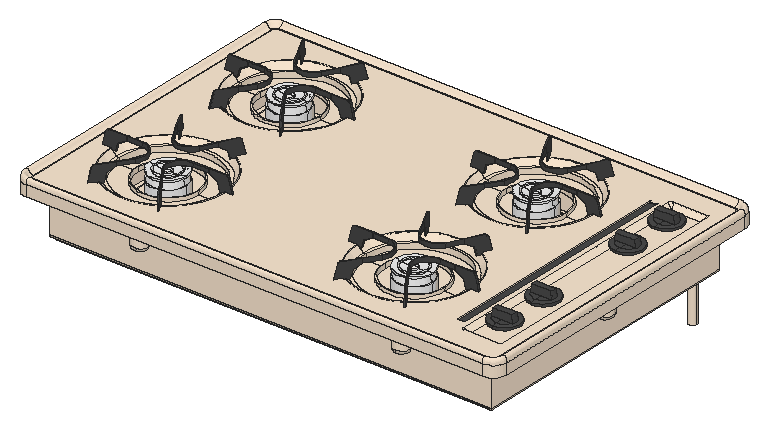
Revit family "QF_Summit_SNL053_Cooktop", category Specialty Equipment, Revit 2020
Family settings
  Round Connector Dimension = Use Diameter
  Part Type = Normal
  Work Plane-Based = No
  Always vertical = Yes
  Cut with Voids When Loaded = No
  Shared = No
  Room Calculation Point = No
Parameters
  Weight in Pounds = 32
  Watts = 0 W
  Volts = 115 V
  URL Cutsheet = ""
  Specification by User = ""
  Specification by Manufacturer = ""
  Serial Number = ""
  Seismic Rating = ""
  SMACNA No = ""
  Revision Code = ""
  Plumbing Remarks = ""
  Plumbing Connection Type = ""
  Phase = 1
  Number of Poles = 1
  NAFEM Spec ID Number = ""
  Model = "SNL053"
  Min Ckt Ampacity = 0 A
  Max Overcurrent Protection = 0 A
  Masterspec = ""
  Manufacturer = "Summit"
  Length = 29 3/4"
  Item Number = ""
  Installed By = ""
  Identify Quantity as Lot = yes
  Height = 3 3/4"
  HP = ""
  Gas Size = 0"
  Gas RI Height = 0"
  Gas KW = 0
  Gas Input = 9000.0 Btu/h
  Gas Connection Height = 0"
  Furnished By = ""
  Foodservice Equipment Identifier = yes
  FL Amps = 0 A
  Electrical Remarks = ""
  Elec Conn RI Height = 0"
  Elec Conn Connection Height = 0"
  Description = "Cooktop"
  Depth = 20"
  Default Elevation = 0"
  Cycle = 60 Hz
  Conn Plug = "3 Prong Cord"
  Conn Conduit = yes
  CSI MasterFormat = ""
  Apparent Power = 0 VA
Reference planes (in)
  plane 1 "BACK": y = 0
  plane 2: z = 0
  plane 3 "LEFT": x = 0
  plane 4 "RIGHT": x = 29.75
  plane 5 "FRONT": y = -20
  plane 6 "TOP": z = 3.75
  plane 7 "Center Y": x = 14.875
  plane 8 "Center X": y = -10
  plane 9: z = 2.75
  plane 10: z = 0.25
  plane 11: z = -2.75
Forms (in)
  Sweep 1, solid, material "QF_Plastic_Bisque_Smooth"
    path origin (0, 0, 3.74988) x (-1, 0, 0) y (0, -1, 0)
      loop
        line (-0.0625, 0.8125) -> (-0.0625, 19.1875)
        arc (-0.0625, 19.1875) -> (-0.28217, 19.71783) -> (-0.8125, 19.9375) r 0.75
        line (-0.8125, 19.9375) -> (-28.9375, 19.9375)
        arc (-28.9375, 19.9375) -> (-29.46783, 19.71783) -> (-29.6875, 19.1875) r 0.75
        line (-29.6875, 19.1875) -> (-29.6875, 0.8125)
        arc (-29.6875, 0.8125) -> (-29.46783, 0.28217) -> (-28.9375, 0.0625) r 0.75
        line (-28.9375, 0.0625) -> (-0.8125, 0.0625)
        arc (-0.8125, 0.0625) -> (-0.28217, 0.28217) -> (-0.0625, 0.8125) r 0.75
    profile origin (0.0625, -10, 3.74988) x (1, 0, 0) y (0, 0, 1)
      loop
        line (0.50007, -0.99988) -> (0.50007, -0.24988)
        spline (0.50007, -0.24988) -> (0.38683, -0.22526) -> (0.30986, -0.16677) -> (0.25459, -0.09746) -> (0.20654, -0.0403) -> (0.15715, -0.00897) -> (0.1083, -0.00102) -> (0.06291, -0.01235) -> (0.02367, -0.03905) -> (-0.00886, -0.07917) -> (-0.03532, -0.13183) -> (-0.05489, -0.20201) -> (-0.06266, -0.31115)
        line (-0.06266, -0.31115) -> (-0.06266, -0.99988) -> (0.50007, -0.99988)
  Extrusion 2, solid, material "QF_Plastic_Bisque_Smooth"
    sketch origin (23.1875, -0.5625, 3.49988) x (0, 1, 0) y (1, 0, 0)
      loop
        circle (-4.74127, -17.90956) r 3.49904
      loop
        line (-18.875, 5.75) -> (-18.875, -22.375)
        arc (-18.875, -22.375) -> (-18.80178, -22.55178) -> (-18.625, -22.625) r 0.25
        line (-18.625, -22.625) -> (-0.25, -22.625)
        arc (-0.25, -22.625) -> (-0.07322, -22.55178) -> (0, -22.375) r 0.25
        line (0, -22.375) -> (0, 5.75)
        arc (0, 5.75) -> (-0.07322, 5.92678) -> (-0.25, 6) r 0.25
        line (-0.25, 6) -> (-18.625, 6)
        arc (-18.625, 6) -> (-18.80178, 5.92678) -> (-18.875, 5.75) r 0.25
      loop
        circle (-4.74127, -2.71662) r 3.49904
      loop
        circle (-14.13373, -17.90956) r 3.49904
      loop
        circle (-14.13373, -2.71662) r 3.49904
    from 0.74988 to -0.00012
  Blend 3, void
    base sketch origin (23.18874, -0.56796, 3.54988) x (0, 1, 0) y (-1, 0, 0)
      loop
        arc (-1.25, -3) -> (-1.32322, -2.82322) -> (-1.5, -2.75) r 0.25
        line (-1.5, -2.75) -> (-17.375, -2.75)
        arc (-17.375, -2.75) -> (-17.55178, -2.82322) -> (-17.625, -3) r 0.25
        line (-17.625, -3) -> (-17.625, -5.25)
        arc (-17.625, -5.25) -> (-17.55178, -5.42678) -> (-17.375, -5.5) r 0.25
        line (-17.375, -5.5) -> (-1.5, -5.5)
        arc (-1.5, -5.5) -> (-1.32322, -5.42678) -> (-1.25, -5.25) r 0.25
        line (-1.25, -5.25) -> (-1.25, -3)
    top sketch origin (23.18874, -0.56796, 3.54988) x (0, 1, 0) y (-1, 0, 0)
      loop
        line (-1.71875, -3.21875) -> (-17.15625, -3.21875) -> (-17.15625, -5.03125) -> (-1.71875, -5.03125) -> (-1.71875, -3.21875)
    from 0.0625 to -0.31152
  Extrusion 4, void
    sketch origin (23.18874, -0.56796, 3.54988) x (0, 1, 0) y (-1, 0, 0)
      loop
        arc (-2, -2.1875) -> (-2.01831, -2.14331) -> (-2.0625, -2.125) r 0.0625
        line (-2.0625, -2.125) -> (-16.8125, -2.125)
        arc (-16.8125, -2.125) -> (-16.85669, -2.14331) -> (-16.875, -2.1875) r 0.0625
        line (-16.875, -2.1875) -> (-16.875, -2.5625)
        arc (-16.875, -2.5625) -> (-16.85669, -2.60669) -> (-16.8125, -2.625) r 0.0625
        line (-16.8125, -2.625) -> (-2.0625, -2.625)
        arc (-2.0625, -2.625) -> (-2.01831, -2.60669) -> (-2, -2.5625) r 0.0625
        line (-2, -2.5625) -> (-2, -2.1875)
    from 0.0625 to -0.125
  Revolve 5, solid, material "QF_Plastic_Black_Smooth"
    sketch origin (27.31374, -3, 0.48835) x (0, 1, 0) y (0, 0, 1)
      loop
        line (-0.75736, 3) -> (-0.50736, 3) -> (-0.50736, 3.07947) -> (0.15671, 3.07947) -> (0.15671, 3.2014)
        arc (0.15671, 3.2014) -> (0.03405, 3.23774) -> (-0.09329, 3.25) r 0.66737
        line (-0.09329, 3.25) -> (-0.75736, 3.25) -> (-0.75736, 3)
      axis (-0.75736, 3.25) -> (-0.75736, 3)
    angle from 0 to 360
  Blend 6, solid, material "QF_Plastic_Black_Smooth"
    base sketch origin (5.74846, -3, 4.23835) x (-1, 0, 0) y (0, -1, 0)
      loop
        arc (-20.9318, 0.55812) -> (-20.90121, 0.75736) -> (-20.9318, 0.95659) r 0.66406
        line (-20.9318, 0.95659) -> (-22.19875, 0.95659)
        arc (-22.19875, 0.95659) -> (-22.22934, 0.75736) -> (-22.19875, 0.55812) r 0.66406
        line (-22.19875, 0.55812) -> (-20.9318, 0.55812)
    top sketch origin (5.74846, -3, 4.23835) x (-1, 0, 0) y (0, -1, 0)
      loop
        arc (-20.98589, 0.57514) -> (-20.95791, 0.75736) -> (-20.98589, 0.93958) r 0.60736
        line (-20.98589, 0.93958) -> (-22.14466, 0.93958)
        arc (-22.14466, 0.93958) -> (-22.17264, 0.75736) -> (-22.14466, 0.57514) r 0.60736
        line (-22.14466, 0.57514) -> (-20.98589, 0.57514)
    from -0.5 to -0.05271
  Revolve 7, solid, material "QF_Plastic_Black_Smooth", not visible
    sketch origin (21.56528, -3, 0) x (0, 1, 0) y (0, 0, 1)
      loop
        line (-0.75736, 3) -> (-0.50736, 3) -> (-0.50736, 3.07947) -> (0.15671, 3.07947) -> (0.15671, 3.2014)
        arc (0.15671, 3.2014) -> (0.03405, 3.23774) -> (-0.09329, 3.25) r 0.66737
        line (-0.09329, 3.25) -> (-0.75736, 3.25) -> (-0.75736, 3)
      axis (-0.75736, 3.25) -> (-0.75736, 3)
    angle from 0 to 360
  Blend 8, solid, material "QF_Plastic_Black_Smooth", not visible
    base sketch origin (0, -3, 3.75) x (-1, 0, 0) y (0, -1, 0)
      loop
        arc (-20.9318, 0.55812) -> (-20.90121, 0.75736) -> (-20.9318, 0.95659) r 0.66406
        line (-20.9318, 0.95659) -> (-22.19875, 0.95659)
        arc (-22.19875, 0.95659) -> (-22.22934, 0.75736) -> (-22.19875, 0.55812) r 0.66406
        line (-22.19875, 0.55812) -> (-20.9318, 0.55812)
    top sketch origin (0, -3, 3.75) x (-1, 0, 0) y (0, -1, 0)
      loop
        arc (-20.98589, 0.57514) -> (-20.95791, 0.75736) -> (-20.98589, 0.93958) r 0.60736
        line (-20.98589, 0.93958) -> (-22.14466, 0.93958)
        arc (-22.14466, 0.93958) -> (-22.17264, 0.75736) -> (-22.14466, 0.57514) r 0.60736
        line (-22.14466, 0.57514) -> (-20.98589, 0.57514)
    from -0.5 to -0.05271
  Revolve 9, solid, material "QF_Plastic_Black_Smooth"
    sketch origin (27.31156, -3.00158, 0.48835) x (0, 1, 0) y (0, 0, 1)
      loop
        line (-3.75736, 3) -> (-3.50736, 3) -> (-3.50736, 3.07947) -> (-2.84329, 3.07947) -> (-2.84329, 3.2014)
        arc (-2.84329, 3.2014) -> (-2.96595, 3.23774) -> (-3.09329, 3.25) r 0.66737
        line (-3.09329, 3.25) -> (-3.75736, 3.25) -> (-3.75736, 3)
      axis (-3.75736, 3.25) -> (-3.75736, 3)
    angle from 0 to 360
  Blend 10, solid, material "QF_Plastic_Black_Smooth"
    base sketch origin (5.74628, -3.00158, 4.23835) x (-1, 0, 0) y (0, -1, 0)
      loop
        arc (-20.9318, 3.55812) -> (-20.90121, 3.75736) -> (-20.9318, 3.95659) r 0.66406
        line (-20.9318, 3.95659) -> (-22.19875, 3.95659)
        arc (-22.19875, 3.95659) -> (-22.22934, 3.75736) -> (-22.19875, 3.55812) r 0.66406
        line (-22.19875, 3.55812) -> (-20.9318, 3.55812)
    top sketch origin (5.74628, -3.00158, 4.23835) x (-1, 0, 0) y (0, -1, 0)
      loop
        arc (-20.98589, 3.57514) -> (-20.95791, 3.75736) -> (-20.98589, 3.93958) r 0.60736
        line (-20.98589, 3.93958) -> (-22.14466, 3.93958)
        arc (-22.14466, 3.93958) -> (-22.17264, 3.75736) -> (-22.14466, 3.57514) r 0.60736
        line (-22.14466, 3.57514) -> (-20.98589, 3.57514)
    from -0.5 to -0.05271
  Revolve 11, solid, material "QF_Plastic_Black_Smooth"
    sketch origin (27.31156, -6.00158, 0.48835) x (0, 1, 0) y (0, 0, 1)
      loop
        line (-10.24264, 3) -> (-10.24264, 3.25) -> (-10.90671, 3.25)
        arc (-10.90671, 3.25) -> (-11.03405, 3.23774) -> (-11.15671, 3.2014) r 0.66737
        line (-11.15671, 3.2014) -> (-11.15671, 3.07947) -> (-10.49264, 3.07947) -> (-10.49264, 3) -> (-10.24264, 3)
      axis (-10.24264, 3.25) -> (-10.24264, 3)
    angle from 0 to 360
  Blend 12, solid, material "QF_Plastic_Black_Smooth"
    base sketch origin (5.74628, -6.00158, 4.23835) x (-1, 0, 0) y (0, -1, 0)
      loop
        line (-20.9318, 10.44188) -> (-22.19875, 10.44188)
        arc (-22.19875, 10.44188) -> (-22.22934, 10.24264) -> (-22.19875, 10.04341) r 0.66406
        line (-22.19875, 10.04341) -> (-20.9318, 10.04341)
        arc (-20.9318, 10.04341) -> (-20.90121, 10.24264) -> (-20.9318, 10.44188) r 0.66406
    top sketch origin (5.74628, -6.00158, 4.23835) x (-1, 0, 0) y (0, -1, 0)
      loop
        line (-20.98589, 10.42486) -> (-22.14466, 10.42486)
        arc (-22.14466, 10.42486) -> (-22.17264, 10.24264) -> (-22.14466, 10.06042) r 0.60736
        line (-22.14466, 10.06042) -> (-20.98589, 10.06042)
        arc (-20.98589, 10.06042) -> (-20.95791, 10.24264) -> (-20.98589, 10.42486) r 0.60736
    from -0.5 to -0.05271
  Revolve 13, solid, material "QF_Plastic_Black_Smooth"
    sketch origin (27.31156, -3.00158, 0.48835) x (0, 1, 0) y (0, 0, 1)
      loop
        line (-10.24264, 3) -> (-10.24264, 3.25) -> (-10.90671, 3.25)
        arc (-10.90671, 3.25) -> (-11.03405, 3.23774) -> (-11.15671, 3.2014) r 0.66737
        line (-11.15671, 3.2014) -> (-11.15671, 3.07947) -> (-10.49264, 3.07947) -> (-10.49264, 3) -> (-10.24264, 3)
      axis (-10.24264, 3.25) -> (-10.24264, 3)
    angle from 0 to 360
  Blend 14, solid, material "QF_Plastic_Black_Smooth"
    base sketch origin (5.74628, -3.00158, 4.23835) x (-1, 0, 0) y (0, -1, 0)
      loop
        line (-20.9318, 10.44188) -> (-22.19875, 10.44188)
        arc (-22.19875, 10.44188) -> (-22.22934, 10.24264) -> (-22.19875, 10.04341) r 0.66406
        line (-22.19875, 10.04341) -> (-20.9318, 10.04341)
        arc (-20.9318, 10.04341) -> (-20.90121, 10.24264) -> (-20.9318, 10.44188) r 0.66406
    top sketch origin (5.74628, -3.00158, 4.23835) x (-1, 0, 0) y (0, -1, 0)
      loop
        line (-20.98589, 10.42486) -> (-22.14466, 10.42486)
        arc (-22.14466, 10.42486) -> (-22.17264, 10.24264) -> (-22.14466, 10.06042) r 0.60736
        line (-22.14466, 10.06042) -> (-20.98589, 10.06042)
        arc (-20.98589, 10.06042) -> (-20.95791, 10.24264) -> (-20.98589, 10.42486) r 0.60736
    from -0.5 to -0.05271
  Revolve 15, solid, material "QF_Plastic_Black_Smooth", not visible
    sketch origin (21.56528, -20.00316, 0) x (0, 1, 0) y (0, 0, 1)
      loop
        line (16.2458, 3) -> (16.4958, 3) -> (16.4958, 3.07947) -> (17.15986, 3.07947) -> (17.15986, 3.2014)
        arc (17.15986, 3.2014) -> (17.0372, 3.23774) -> (16.90986, 3.25) r 0.66737
        line (16.90986, 3.25) -> (16.2458, 3.25) -> (16.2458, 3)
      axis (16.2458, 3.25) -> (16.2458, 3)
    angle from 0 to 360
  Blend 16, solid, material "QF_Plastic_Black_Smooth", not visible
    base sketch origin (0, -20.00316, 3.75) x (-1, 0, 0) y (0, -1, 0)
      loop
        arc (-20.9318, -16.44503) -> (-20.90121, -16.2458) -> (-20.9318, -16.04657) r 0.66406
        line (-20.9318, -16.04657) -> (-22.19875, -16.04657)
        arc (-22.19875, -16.04657) -> (-22.22934, -16.2458) -> (-22.19875, -16.44503) r 0.66406
        line (-22.19875, -16.44503) -> (-20.9318, -16.44503)
    top sketch origin (0, -20.00316, 3.75) x (-1, 0, 0) y (0, -1, 0)
      loop
        arc (-20.98589, -16.42802) -> (-20.95791, -16.2458) -> (-20.98589, -16.06358) r 0.60736
        line (-20.98589, -16.06358) -> (-22.14466, -16.06358)
        arc (-22.14466, -16.06358) -> (-22.17264, -16.2458) -> (-22.14466, -16.42802) r 0.60736
        line (-22.14466, -16.42802) -> (-20.98589, -16.42802)
    from -0.5 to -0.05271
  Extrusion 17, solid, material "QF_Plastic_Bisque_Smooth"
    sketch origin (9.68847, 8.08075, 0) x (-1, 0, 0) y (0, 1, 0)
      loop
        circle (-17.75, -10) r 0.25
    from -0.125 to 2.75
  Sweep 18, solid, material "QF_Plastic_Bisque_Smooth"
    path origin (0, 0, 0) x (1, 0, 0) y (0, 1, 0)
      loop
        line (28.5, -1.25) -> (1.25, -1.25) -> (1.25, -18.75) -> (28.5, -18.75) -> (28.5, -1.25)
    profile origin (28.5, -10, 0) x (1, 0, 0) y (0, 0, 1)
      loop
        line (-0.25, 0) -> (-0.25, 0.125) -> (-0.13174, 0.125)
        arc (-0.13174, 0.125) -> (-0.03859, 0.16359) -> (0, 0.25674) r 0.13174
        line (0, 0.25674) -> (0, 2.75) -> (-0.125, 2.75) -> (-0.125, 0.25) -> (-0.375, 0.25) -> (-0.375, 0) -> (-0.25, 0)
  Extrusion 19, solid, material "QF_Plastic_Bisque_Smooth"
    sketch origin (28.125, -1.625, 0.25) x (0, -1, 0) y (1, 0, 0)
      loop
        line (0, -26.5) -> (16.75, -26.5) -> (16.75, 0) -> (0, 0) -> (0, -26.5)
    from 0 to -0.125
  Extrusion 20, solid, material "QF_Plastic_Bisque_Smooth"
    sketch origin (28.125, -1.625, 0.125) x (1, 0, 0) y (0, -1, 0)
      loop
        circle (-1.43653, 0.29425) r 0.25
    from 0 to 0.0625
  Revolve 21, solid, material "QF_Plastic_Bisque_Smooth"
    sketch origin (0, -10, 0) x (1, 0, 0) y (0, 0, 1)
      loop
        line (1.25, 2.75) -> (0.75, 2.75) -> (0.75, 1.75)
        arc (0.75, 1.75) -> (0.8255, 1.58445) -> (1, 1.5329) r 0.21926
        line (1, 1.5329) -> (1.25, 1.5329) -> (1.25, 2.75)
      axis (1.25, 1.5329) -> (1.25, 2.75)
    angle from -90 to 90
  Revolve 22, solid, material "QF_Plastic_Bisque_Smooth"
    sketch origin (24, -10, 0) x (-1, 0, 0) y (0, 0, -1)
      loop
        line (-4.5, -2.75) -> (-4.5, -1.5329) -> (-4.75, -1.5329)
        arc (-4.75, -1.5329) -> (-4.9245, -1.58445) -> (-5, -1.75) r 0.21926
        line (-5, -1.75) -> (-5, -2.75) -> (-4.5, -2.75)
      axis (-4.5, -1.5329) -> (-4.5, -2.75)
    angle from -90 to 90
  Revolve 23, solid, material "QF_Plastic_Bisque_Smooth"
    sketch origin (21.33132, -1.25, 0) x (-1, 0, 0) y (0, 0, -1)
      loop
        line (-1.625, -2.75) -> (-1.625, -1.5329) -> (-1.875, -1.5329)
        arc (-1.875, -1.5329) -> (-2.0495, -1.58445) -> (-2.125, -1.75) r 0.21926
        line (-2.125, -1.75) -> (-2.125, -2.75) -> (-1.625, -2.75)
      axis (-1.625, -1.5329) -> (-1.625, -2.75)
    angle from 0 to 180
  Revolve 24, solid, material "QF_Plastic_Bisque_Smooth"
    sketch origin (5.19698, -1.25, 0) x (-1, 0, 0) y (0, 0, -1)
      loop
        line (-1.625, -2.75) -> (-1.625, -1.5329) -> (-1.875, -1.5329)
        arc (-1.875, -1.5329) -> (-2.0495, -1.58445) -> (-2.125, -1.75) r 0.21926
        line (-2.125, -1.75) -> (-2.125, -2.75) -> (-1.625, -2.75)
      axis (-1.625, -1.5329) -> (-1.625, -2.75)
    angle from 0 to 180
  Revolve 25, solid, material "QF_Plastic_Bisque_Smooth"
    sketch origin (21.33132, -18.75, 0) x (-1, 0, 0) y (0, 0, 1)
      loop
        line (-1.625, 2.75) -> (-2.125, 2.75) -> (-2.125, 1.75)
        arc (-2.125, 1.75) -> (-2.0495, 1.58445) -> (-1.875, 1.5329) r 0.21926
        line (-1.875, 1.5329) -> (-1.625, 1.5329) -> (-1.625, 2.75)
      axis (-1.625, 1.5329) -> (-1.625, 2.75)
    angle from 0 to 180
  Revolve 26, solid, material "QF_Plastic_Bisque_Smooth"
    sketch origin (5.19698, -18.75, 0) x (-1, 0, 0) y (0, 0, 1)
      loop
        line (-1.625, 2.75) -> (-2.125, 2.75) -> (-2.125, 1.75)
        arc (-2.125, 1.75) -> (-2.0495, 1.58445) -> (-1.875, 1.5329) r 0.21926
        line (-1.875, 1.5329) -> (-1.625, 1.5329) -> (-1.625, 2.75)
      axis (-1.625, 1.5329) -> (-1.625, 2.75)
    angle from 0 to 180
Cuts and joins
  Blend 3, Extrusion 4 cuts Extrusion 2
Lines and regions (in)
  symbolic lines
    curve 1: arc (27.31374, -2.84329, 4.23835) -> (26.39968, -3.75736, 4.23835) -> (27.31374, -4.67142, 4.23835) r 0.91406
    curve 2: arc (27.31374, -4.67142, 4.23835) -> (28.2278, -3.75736, 4.23835) -> (27.31374, -2.84329, 4.23835) r 0.91406
    curve 3: line (26.68027, -3.55812, 4.23835) -> (27.94721, -3.55812, 4.23835)
    curve 4: line (27.94721, -3.95659, 4.23835) -> (26.68027, -3.95659, 4.23835)
    curve 5: arc (26.68027, -3.55812, 4.23835) -> (26.64968, -3.75736, 4.23835) -> (26.68027, -3.95659, 4.23835) r 0.66406
    curve 6: arc (27.94721, -3.95659, 4.23835) -> (27.9778, -3.75736, 4.23835) -> (27.94721, -3.55812, 4.23835) r 0.66406
    curve 13: arc (27.31156, -5.84487, 4.23835) -> (26.3975, -6.75893, 4.23835) -> (27.31156, -7.673, 4.23835) r 0.91406
    curve 14: arc (27.31156, -7.673, 4.23835) -> (28.22562, -6.75893, 4.23835) -> (27.31156, -5.84487, 4.23835) r 0.91406
    curve 15: line (26.67809, -6.5597, 4.23835) -> (27.94503, -6.5597, 4.23835)
    curve 16: line (27.94503, -6.95817, 4.23835) -> (26.67809, -6.95817, 4.23835)
    curve 17: arc (26.67809, -6.5597, 4.23835) -> (26.6475, -6.75893, 4.23835) -> (26.67809, -6.95817, 4.23835) r 0.66406
    curve 18: arc (27.94503, -6.95817, 4.23835) -> (27.97562, -6.75893, 4.23835) -> (27.94503, -6.5597, 4.23835) r 0.66406
    curve 19: arc (27.31156, -17.15828, 4.23835) -> (26.3975, -16.24422, 4.23835) -> (27.31156, -15.33016, 4.23835) r 0.91406
    curve 20: arc (27.31156, -15.33016, 4.23835) -> (28.22562, -16.24422, 4.23835) -> (27.31156, -17.15828, 4.23835) r 0.91406
    curve 21: line (26.67809, -16.44345, 4.23835) -> (27.94503, -16.44345, 4.23835)
    curve 22: line (27.94503, -16.04499, 4.23835) -> (26.67809, -16.04499, 4.23835)
    curve 23: arc (26.67809, -16.44345, 4.23835) -> (26.6475, -16.24422, 4.23835) -> (26.67809, -16.04499, 4.23835) r 0.66406
    curve 24: arc (27.94503, -16.04499, 4.23835) -> (27.97562, -16.24422, 4.23835) -> (27.94503, -16.44345, 4.23835) r 0.66406
    curve 25: arc (27.31156, -14.15828, 4.23835) -> (26.3975, -13.24422, 4.23835) -> (27.31156, -12.33016, 4.23835) r 0.91406
    curve 26: arc (27.31156, -12.33016, 4.23835) -> (28.22562, -13.24422, 4.23835) -> (27.31156, -14.15828, 4.23835) r 0.91406
    curve 27: line (26.67809, -13.44345, 4.23835) -> (27.94503, -13.44345, 4.23835)
    curve 28: line (27.94503, -13.04499, 4.23835) -> (26.67809, -13.04499, 4.23835)
    curve 29: arc (26.67809, -13.44345, 4.23835) -> (26.6475, -13.24422, 4.23835) -> (26.67809, -13.04499, 4.23835) r 0.66406
    curve 30: arc (27.94503, -13.04499, 4.23835) -> (27.97562, -13.24422, 4.23835) -> (27.94503, -13.44345, 4.23835) r 0.66406
    curve 37: line (0.5625, -0.8125, 0) -> (0.5625, -19.1875, 0)
    curve 38: line (28.9375, -0.5625, 0) -> (0.8125, -0.5625, 0)
    curve 39: arc (0.5625, -0.8125, 0) -> (0.63572, -0.63572, 0) -> (0.8125, -0.5625, 0) r 0.25
    curve 40: arc (28.9375, -0.5625, 0) -> (29.11428, -0.63572, 0) -> (29.1875, -0.8125, 0) r 0.25
    curve 41: line (29.1875, -19.1875, 0) -> (29.1875, -0.8125, 0)
    curve 42: line (28.21999, -2.28671, 0) -> (26.40749, -2.28671, 0)
    curve 43: line (26.40749, -2.28671, 0) -> (26.40749, -17.72421, 0)
    curve 44: line (26.40749, -17.72421, 0) -> (28.21999, -17.72421, 0)
    curve 45: line (28.21999, -17.72421, 0) -> (28.21999, -2.28671, 0)
    curve 46: line (26.25446, -1.9588, 0) -> (28.37302, -1.9588, 0)
    curve 47: arc (28.37302, -1.9588, 0) -> (28.49668, -2.01002, 0) -> (28.5479, -2.13368, 0) r 0.17489
    curve 48: line (28.5479, -2.13368, 0) -> (28.5479, -17.87723, 0)
    curve 49: arc (28.5479, -17.87723, 0) -> (28.49668, -18.0009, 0) -> (28.37302, -18.05212, 0) r 0.17489
    curve 50: line (28.37302, -18.05212, 0) -> (26.25446, -18.05212, 0)
    curve 51: arc (26.25446, -18.05212, 0) -> (26.1308, -18.0009, 0) -> (26.07958, -17.87723, 0) r 0.17489
    curve 52: line (26.07958, -17.87723, 0) -> (26.07958, -2.13368, 0)
    curve 53: arc (26.07958, -2.13368, 0) -> (26.1308, -2.01002, 0) -> (26.25446, -1.9588, 0) r 0.17489
    curve 54: line (25.31374, -17.38046, 0) -> (25.31374, -2.63046, 0)
    curve 55: arc (25.31374, -2.63046, 0) -> (25.33205, -2.58626, 0) -> (25.37624, -2.56796, 0) r 0.0625
    curve 56: line (25.37624, -2.56796, 0) -> (25.75124, -2.56796, 0)
    curve 57: arc (25.75124, -2.56796, 0) -> (25.79543, -2.58626, 0) -> (25.81374, -2.63046, 0) r 0.0625
    curve 58: line (25.81374, -2.63046, 0) -> (25.81374, -17.38046, 0)
    curve 59: arc (25.81374, -17.38046, 0) -> (25.79543, -17.42465, 0) -> (25.75124, -17.44296, 0) r 0.0625
    curve 60: line (25.75124, -17.44296, 0) -> (25.37624, -17.44296, 0)
    curve 61: arc (25.37624, -17.44296, 0) -> (25.33205, -17.42465, 0) -> (25.31374, -17.38046, 0) r 0.0625
    curve 62: line (0.8125, -19.4375, 0) -> (28.9375, -19.4375, 0)
    curve 63: arc (29.1875, -19.1875, 0) -> (29.11428, -19.36428, 0) -> (28.9375, -19.4375, 0) r 0.25
    curve 64: arc (0.8125, -19.4375, 0) -> (0.63572, -19.36428, 0) -> (0.5625, -19.1875, 0) r 0.25
    curve 65: line (-0.00016, -19.1875, 0) -> (-0.00016, -0.8125, 0)
    curve 66: arc (-0.00016, -0.8125, 0) -> (0.23786, -0.23786, 0) -> (0.8125, 0.00016, 0) r 0.81266
    curve 67: line (0.8125, 0.00016, 0) -> (28.9375, 0.00016, 0)
    curve 68: arc (28.9375, 0.00016, 0) -> (29.51214, -0.23786, 0) -> (29.75016, -0.8125, 0) r 0.81266
    curve 69: line (29.75016, -0.8125, 0) -> (29.75016, -19.1875, 0)
    curve 70: arc (29.75016, -19.1875, 0) -> (29.51214, -19.76214, 0) -> (28.9375, -20.00016, 0) r 0.81266
    curve 71: line (28.9375, -20.00016, 0) -> (0.8125, -20.00016, 0)
    curve 72: arc (0.8125, -20.00016, 0) -> (0.23786, -19.76214, 0) -> (-0.00016, -19.1875, 0) r 0.81266
  symbolic lines, not visible
    curve 7: arc (21.56528, -2.84329, 3.75) -> (20.65121, -3.75736, 3.75) -> (21.56528, -4.67142, 3.75) r 0.91406
    curve 8: arc (21.56528, -4.67142, 3.75) -> (22.47934, -3.75736, 3.75) -> (21.56528, -2.84329, 3.75) r 0.91406
    curve 9: line (20.9318, -3.55812, 3.75) -> (22.19875, -3.55812, 3.75)
    curve 10: line (22.19875, -3.95659, 3.75) -> (20.9318, -3.95659, 3.75)
    curve 11: arc (20.9318, -3.55812, 3.75) -> (20.90121, -3.75736, 3.75) -> (20.9318, -3.95659, 3.75) r 0.66406
    curve 12: arc (22.19875, -3.95659, 3.75) -> (22.22934, -3.75736, 3.75) -> (22.19875, -3.55812, 3.75) r 0.66406
    curve 31: arc (21.56528, -2.84329, 3.75) -> (20.65121, -3.75736, 3.75) -> (21.56528, -4.67142, 3.75) r 0.91406
    curve 32: arc (21.56528, -4.67142, 3.75) -> (22.47934, -3.75736, 3.75) -> (21.56528, -2.84329, 3.75) r 0.91406
    curve 33: line (20.9318, -3.55812, 3.75) -> (22.19875, -3.55812, 3.75)
    curve 34: line (22.19875, -3.95659, 3.75) -> (20.9318, -3.95659, 3.75)
    curve 35: arc (20.9318, -3.55812, 3.75) -> (20.90121, -3.75736, 3.75) -> (20.9318, -3.95659, 3.75) r 0.66406
    curve 36: arc (22.19875, -3.95659, 3.75) -> (22.22934, -3.75736, 3.75) -> (22.19875, -3.55812, 3.75) r 0.66406
Dimensions and locks (in)
  equal spacing: plane 3 "LEFT", plane 7 "Center Y", plane 4 "RIGHT"
  "Length": plane 3 "LEFT" to plane 4 "RIGHT"
  equal spacing: plane 5 "FRONT", plane 8 "Center X", plane 1 "BACK"
  "Depth": plane 5 "FRONT" to plane 1 "BACK"
  "Height": plane 6 "TOP" to level
  plane 9 to plane 10 = 2 1/2"
  plane 10 to plane 11 = 3"
  plane 6 "TOP" to plane 9 = 1"
  aligned and locked: level to plane 2
Automatic sketch dimensions
  Blend 6 sketch curve to Blend 6 sketch curve = 0.63347"  (x2)
  Blend 6 sketch curve to Blend 6 sketch curve = 51/256"
  Blend 6 sketch curve to Blend 6 sketch curve = 0"  (x10)
  Blend 6 sketch curve to Blend 6 sketch curve = 0.57938"  (x2)
  Blend 6 sketch curve to Blend 6 sketch curve = 0.18222"
  curve 4 to curve 1 = 0.63347"
  curve 3 to curve 1 = 51/256"
  curve 2 to curve 5 = 183/256"
  curve 3 to curve 4 = 0"
  curve 2 to curve 3 = 0.63347"
  curve 2 to curve 5 = 0"  (x4)
  curve 2 to curve 6 = 0"  (x3)
  curve 5 to curve 6 = 0"  (x3)
  curve 1 to curve 2 = 0"  (x2)
  curve 1 to curve 5 = 0"  (x2)
  curve 1 to curve 6 = 0"  (x2)
  Blend 8 sketch curve to Blend 8 sketch curve = 0.63347"  (x2)
  Blend 8 sketch curve to Blend 8 sketch curve = 51/256"
  Blend 8 sketch curve to Blend 8 sketch curve = 0"  (x10)
  Blend 8 sketch curve to Blend 8 sketch curve = 0.57938"  (x2)
  Blend 8 sketch curve to Blend 8 sketch curve = 0.18222"
  curve 10 to curve 7 = 0.63347"
  curve 9 to curve 7 = 51/256"
  curve 8 to curve 11 = 183/256"
  curve 9 to curve 10 = 0"
  curve 8 to curve 9 = 0.63347"
  curve 8 to curve 11 = 0"  (x4)
  curve 8 to curve 12 = 0"  (x3)
  curve 11 to curve 12 = 0"  (x3)
  curve 7 to curve 8 = 0"  (x2)
  curve 7 to curve 11 = 0"  (x2)
  curve 7 to curve 12 = 0"  (x2)
  Revolve 9 sketch curve to Revolve 9 sketch curve = 1/4"  (x2)
  Revolve 9 sketch curve to Revolve 9 sketch curve = 53/128"
  Revolve 9 sketch curve to Revolve 9 sketch curve = 85/128"
  Revolve 9 sketch curve to Revolve 9 sketch curve = 0"
  Revolve 9 sketch curve to Revolve 9 sketch curve = 0.12193"
  Blend 10 sketch curve to Blend 10 sketch curve = 0.63347"  (x2)
  Blend 10 sketch curve to Blend 10 sketch curve = 51/256"
  Blend 10 sketch curve to Blend 10 sketch curve = 0"  (x10)
  Blend 10 sketch curve to Blend 10 sketch curve = 0.57938"  (x2)
  Blend 10 sketch curve to Blend 10 sketch curve = 0.18222"
  Revolve 9 sketch curve to Revolve 9 sketch curve = 0.41737"
  Revolve 9 sketch curve to Revolve 9 sketch curve = 0.07947"
  Revolve 9 sketch curve to Revolve 9 sketch curve = 0.30818"
  Revolve 11 sketch curve to Revolve 11 sketch curve = 1/4"  (x2)
  Revolve 11 sketch curve to Revolve 11 sketch curve = 53/128"
  Revolve 11 sketch curve to Revolve 11 sketch curve = 85/128"
  Revolve 11 sketch curve to Revolve 11 sketch curve = 0"
  Revolve 11 sketch curve to Revolve 11 sketch curve = 0.12193"
  Blend 12 sketch curve to Blend 12 sketch curve = 0.63347"  (x2)
  Blend 12 sketch curve to Blend 12 sketch curve = 51/256"
  Blend 12 sketch curve to Blend 12 sketch curve = 0"  (x10)
  Blend 12 sketch curve to Blend 12 sketch curve = 0.57938"  (x2)
  Blend 12 sketch curve to Blend 12 sketch curve = 0.18222"
  Revolve 11 sketch curve to Revolve 11 sketch curve = 0.41737"
  Revolve 11 sketch curve to Revolve 11 sketch curve = 0.07947"
  Revolve 11 sketch curve to Revolve 11 sketch curve = 0.30818"
  Revolve 13 sketch curve to Revolve 13 sketch curve = 1/4"  (x2)
  Revolve 13 sketch curve to Revolve 13 sketch curve = 53/128"
  Revolve 13 sketch curve to Revolve 13 sketch curve = 85/128"
  Revolve 13 sketch curve to Revolve 13 sketch curve = 0"
  Revolve 13 sketch curve to Revolve 13 sketch curve = 0.12193"
  Blend 14 sketch curve to Blend 14 sketch curve = 0.63347"  (x2)
  Blend 14 sketch curve to Blend 14 sketch curve = 51/256"
  Blend 14 sketch curve to Blend 14 sketch curve = 0"  (x10)
  Blend 14 sketch curve to Blend 14 sketch curve = 0.57938"  (x2)
  Blend 14 sketch curve to Blend 14 sketch curve = 0.18222"
  Revolve 13 sketch curve to Revolve 13 sketch curve = 0.41737"
  Revolve 13 sketch curve to Revolve 13 sketch curve = 0.07947"
  Revolve 13 sketch curve to Revolve 13 sketch curve = 0.30818"
  curve 16 to curve 13 = 0.63347"
  curve 15 to curve 13 = 51/256"
  curve 14 to curve 17 = 183/256"
  curve 15 to curve 16 = 0"
  curve 14 to curve 15 = 0.63347"
  curve 14 to curve 17 = 0"  (x4)
  curve 14 to curve 18 = 0"  (x3)
  curve 17 to curve 18 = 0"  (x3)
  curve 13 to curve 14 = 0"  (x2)
  curve 13 to curve 17 = 0"  (x2)
  curve 13 to curve 18 = 0"  (x2)
  curve 22 to curve 19 = 0.63347"
  curve 19 to curve 21 = 51/256"
  curve 23 to curve 20 = 183/256"
  curve 21 to curve 22 = 0"
  curve 20 to curve 21 = 0.63347"
  curve 20 to curve 23 = 0"  (x4)
  curve 20 to curve 24 = 0"  (x3)
  curve 23 to curve 24 = 0"  (x3)
  curve 19 to curve 20 = 0"  (x2)
  curve 19 to curve 23 = 0"  (x2)
  curve 19 to curve 24 = 0"  (x2)
  curve 28 to curve 25 = 0.63347"
  curve 25 to curve 27 = 51/256"
  curve 29 to curve 26 = 183/256"
  curve 27 to curve 28 = 0"
  curve 26 to curve 27 = 0.63347"
  curve 26 to curve 29 = 0"  (x4)
  curve 26 to curve 30 = 0"  (x3)
  curve 29 to curve 30 = 0"  (x3)
  curve 25 to curve 26 = 0"  (x2)
  curve 25 to curve 29 = 0"  (x2)
  curve 25 to curve 30 = 0"  (x2)
  Revolve 15 sketch curve to Revolve 15 sketch curve = 1/4"  (x2)
  Revolve 15 sketch curve to Revolve 15 sketch curve = 53/128"
  Revolve 15 sketch curve to Revolve 15 sketch curve = 85/128"
  Revolve 15 sketch curve to Revolve 15 sketch curve = 0"
  Revolve 15 sketch curve to Revolve 15 sketch curve = 0.12193"
  Blend 16 sketch curve to Blend 16 sketch curve = 0.63347"  (x2)
  Blend 16 sketch curve to Blend 16 sketch curve = 51/256"
  Blend 16 sketch curve to Blend 16 sketch curve = 0"  (x10)
  Blend 16 sketch curve to Blend 16 sketch curve = 0.57938"  (x2)
  Blend 16 sketch curve to Blend 16 sketch curve = 0.18222"
  Revolve 15 sketch curve to Revolve 15 sketch curve = 0.41737"
  Revolve 15 sketch curve to Revolve 15 sketch curve = 0.07947"
  Revolve 15 sketch curve to Revolve 15 sketch curve = 0.30818"
  curve 34 to curve 31 = 0.63347"
  curve 33 to curve 31 = 51/256"
  curve 32 to curve 35 = 183/256"
  curve 33 to curve 34 = 0"
  curve 32 to curve 33 = 0.63347"
  curve 32 to curve 35 = 0"  (x4)
  curve 32 to curve 36 = 0"  (x3)
  curve 35 to curve 36 = 0"  (x3)
  curve 31 to curve 32 = 0"  (x2)
  curve 31 to curve 35 = 0"  (x2)
  curve 31 to curve 36 = 0"  (x2)
  Revolve 5 sketch curve to Revolve 5 sketch curve = 1/4"  (x2)
  Revolve 5 sketch curve to Revolve 5 sketch curve = 53/128"
  Revolve 5 sketch curve to Revolve 5 sketch curve = 0.41737"
  Revolve 5 sketch curve to Revolve 5 sketch curve = 0.07947"
  Revolve 5 sketch curve to Revolve 5 sketch curve = 0.12193"
  Revolve 5 sketch curve to Revolve 5 sketch curve = 0"  (x2)
  Revolve 5 sketch curve to Revolve 5 sketch curve = 0.30818"
  Revolve 7 sketch curve to Revolve 7 sketch curve = 1/4"  (x2)
  Revolve 7 sketch curve to Revolve 7 sketch curve = 53/128"
  Revolve 7 sketch curve to Revolve 7 sketch curve = 0.41737"
  Revolve 7 sketch curve to Revolve 7 sketch curve = 0.07947"
  Revolve 7 sketch curve to Revolve 7 sketch curve = 0.12193"
  Revolve 7 sketch curve to Revolve 7 sketch curve = 0"  (x2)
  Revolve 7 sketch curve to Revolve 7 sketch curve = 0.30818"
  plane 4 "RIGHT" to Sweep 1 sketch curve = 1/16"
  Sweep 1 sketch curve to Sweep 1 sketch curve = 3/4"
  Sweep 1 sketch curve to plane 5 "FRONT" = 1/16"
  plane 4 "RIGHT" to Sweep 1 sketch curve = 13/16"
  plane 3 "LEFT" to Sweep 1 sketch curve = 13/16"  (x2)
  plane 3 "LEFT" to Sweep 1 sketch curve = 1/16"
  plane 1 "BACK" to Sweep 1 sketch curve = 13/16"
  profile plane to Sweep 1 sketch curve = 0.06266"
  Sweep 1 sketch curve to profile plane = 0.50007"
  Sweep 1 sketch curve to profile plane = 0.99988"
  Sweep 1 sketch curve to profile plane = 0.31115"
  Sweep 1 sketch curve to profile plane = 0.24988"
  Extrusion 2 sketch curve to plane 5 "FRONT" = 9/16"
  Extrusion 2 sketch curve to Extrusion 2 sketch curve = 1/4"  (x3)
  Extrusion 2 sketch curve to plane 8 "Center X" = 4.69623"  (x2)
  plane 7 "Center Y" to Extrusion 2 sketch curve = 5.59588"  (x2)
  plane 8 "Center X" to Extrusion 2 sketch curve = 4.69623"  (x2)
  plane 1 "BACK" to Extrusion 2 sketch curve = 13/16"  (x2)
  plane 4 "RIGHT" to Extrusion 2 sketch curve = 13/16"
  plane 3 "LEFT" to Extrusion 2 sketch curve = 5.27794"  (x2)
  plane 3 "LEFT" to Extrusion 2 sketch curve = 13/16"
  Blend 3 sketch curve to plane 5 "FRONT" = 1.80704"
  Blend 3 sketch curve to Blend 3 sketch curve = 1/4"  (x3)
  plane 4 "RIGHT" to Blend 3 sketch curve = 1.31126"
  plane 1 "BACK" to Blend 3 sketch curve = 2.06796"  (x2)
  Blend 3 sketch curve to Blend 3 sketch curve = 2 1/4"
  Blend 3 sketch curve to plane 5 "FRONT" = 2.27579"
  plane 1 "BACK" to Blend 3 sketch curve = 2.28671"
  plane 4 "RIGHT" to Blend 3 sketch curve = 1.53001"
  Blend 3 sketch curve to Blend 3 sketch curve = 1 13/16"
  Extrusion 4 sketch curve to plane 5 "FRONT" = 2.55704"
  Extrusion 4 sketch curve to Extrusion 4 sketch curve = 1/16"  (x3)
  plane 1 "BACK" to Extrusion 4 sketch curve = 2.63046"
  Extrusion 4 sketch curve to Extrusion 4 sketch curve = 0"
  plane 4 "RIGHT" to Extrusion 4 sketch curve = 3.93626"
  Extrusion 4 sketch curve to Extrusion 4 sketch curve = 3/8"
  plane 4 "RIGHT" to Extrusion 17 sketch curve = 2.31153"
  plane 1 "BACK" to Extrusion 17 sketch curve = 1.91925"
  plane 3 "LEFT" to Sweep 18 sketch curve = 1 1/4"
  plane 4 "RIGHT" to Sweep 18 sketch curve = 1 1/4"
  Sweep 18 sketch curve to plane 5 "FRONT" = 1 1/4"
  plane 1 "BACK" to Sweep 18 sketch curve = 1 1/4"
  Sweep 18 sketch curve to level = 0"
  profile plane to Sweep 18 sketch curve = 0"
  profile plane to Sweep 18 sketch curve = 1/8"
  Sweep 18 sketch curve to Sweep 18 sketch curve = 0.00674"
  profile plane to Sweep 18 sketch curve = 1/4"
  Sweep 18 sketch curve to Sweep 18 sketch curve = 1/8"  (x2)
  level to Sweep 18 sketch curve = 1/8"
  Sweep 18 sketch curve to Sweep 18 sketch curve = 2.49326"
  Extrusion 19 sketch curve to Sweep 18 = 0"  (x4)
  Extrusion 20 sketch curve to Extrusion 20 sketch curve = 0"  (x2)
  Extrusion 19 to Extrusion 20 sketch curve = 0.29425"
  Extrusion 19 to Extrusion 20 sketch curve = 1.43653"
  Extrusion 20 sketch curve to Extrusion 20 sketch curve = 1/4"
  Revolve 21 sketch curve to plane 9 = 0"  (x2)
  plane 3 "LEFT" to Revolve 21 sketch curve = 3/4"
  Revolve 21 sketch curve to Revolve 21 sketch curve = 0.21926"
  Revolve 21 sketch curve to Revolve 21 sketch curve = 0.03074"
  Revolve 21 sketch curve to Revolve 21 sketch curve = 1/4"
  Revolve 21 sketch curve to plane 9 = 1"
  Revolve 21 sketch curve to Revolve 21 sketch curve = 0"
  plane 9 to Revolve 21 sketch curve = 0.41303"
  Revolve 22 sketch curve to plane 9 = 0"  (x2)
  plane 4 "RIGHT" to Revolve 22 sketch curve = 3/4"
  Revolve 22 sketch curve to Revolve 22 sketch curve = 0.21926"
  Revolve 22 sketch curve to Revolve 22 sketch curve = 0.03074"
  Revolve 22 sketch curve to Revolve 22 sketch curve = 1/4"
  Revolve 22 sketch curve to plane 9 = 1"
  Revolve 22 sketch curve to Revolve 22 sketch curve = 0"
  Revolve 22 sketch curve to Revolve 22 sketch curve = 0.41303"
  Revolve 23 sketch curve to plane 9 = 0"  (x2)
  Revolve 23 sketch curve to plane 9 = 1"
  plane 7 "Center Y" to Revolve 23 sketch curve = 8.58132"
  Revolve 23 sketch curve to Revolve 23 sketch curve = 0.21926"
  Revolve 23 sketch curve to Revolve 23 sketch curve = 0.03074"
  Revolve 23 sketch curve to Revolve 23 sketch curve = 1/4"
  Revolve 23 sketch curve to Revolve 23 sketch curve = 0"
  Revolve 23 sketch curve to Revolve 23 sketch curve = 0.41303"
  Revolve 24 sketch curve to plane 9 = 0"  (x2)
  Revolve 24 sketch curve to plane 9 = 1"
  Revolve 24 sketch curve to plane 7 "Center Y" = 7.55302"
  Revolve 24 sketch curve to Revolve 24 sketch curve = 0.21926"
  Revolve 24 sketch curve to Revolve 24 sketch curve = 0.03074"
  Revolve 24 sketch curve to Revolve 24 sketch curve = 1/4"
  Revolve 24 sketch curve to Revolve 24 sketch curve = 0"
  Revolve 24 sketch curve to Revolve 24 sketch curve = 0.41303"
  Revolve 25 sketch curve to plane 9 = 0"  (x2)
  Revolve 25 sketch curve to plane 9 = 1"
  plane 7 "Center Y" to Revolve 25 sketch curve = 8.58132"
  Revolve 25 sketch curve to Revolve 25 sketch curve = 0.21926"
  Revolve 25 sketch curve to Revolve 25 sketch curve = 0.03074"
  Revolve 25 sketch curve to Revolve 25 sketch curve = 1/4"
  Revolve 25 sketch curve to Revolve 25 sketch curve = 0"
  plane 9 to Revolve 25 sketch curve = 0.41303"
  Revolve 26 sketch curve to plane 9 = 0"  (x2)
  Revolve 26 sketch curve to plane 9 = 1"
  Revolve 26 sketch curve to plane 7 "Center Y" = 7.55302"
  Revolve 26 sketch curve to Revolve 26 sketch curve = 0.21926"
  Revolve 26 sketch curve to Revolve 26 sketch curve = 0.03074"
  Revolve 26 sketch curve to Revolve 26 sketch curve = 1/4"
  Revolve 26 sketch curve to Revolve 26 sketch curve = 0"
  plane 9 to Revolve 26 sketch curve = 0.41303"
  curve 39 to curve 66 = 0"  (x2)
  curve 40 to curve 68 = 0"  (x2)
  curve 63 to curve 70 = 0"  (x2)
  curve 64 to curve 72 = 0"
  curve 65 to plane 3 "LEFT" = 0.00016"
  plane 3 "LEFT" to curve 37 = 9/16"
  curve 37 to curve 64 = 1/4"
  curve 37 to curve 39 = 1/4"
  plane 1 "BACK" to curve 54 = 2.63046"
  plane 4 "RIGHT" to curve 54 = 4.43626"
  curve 54 to curve 61 = 1/16"
  curve 54 to curve 55 = 1/16"
  curve 55 to curve 56 = 3/8"
  curve 60 to curve 60 = 3/8"
  curve 57 to curve 58 = 1/16"
  curve 60 to curve 52 = 0.32834"
  curve 52 to curve 51 = 0.17489"
  curve 53 to curve 53 = 0.17489"
  curve 51 to curve 44 = 0.15303"
  plane 4 "RIGHT" to curve 45 = 1.53001"
  curve 42 to curve 47 = 0.15303"
  curve 44 to curve 50 = 0.15303"
  curve 49 to curve 48 = 0.17489"
  plane 5 "FRONT" to curve 71 = 0.00016"
  plane 4 "RIGHT" to curve 71 = 13/16"
  plane 4 "RIGHT" to curve 38 = 13/16"
  curve 40 to curve 41 = 1/4"
  curve 50 to plane 5 "FRONT" = 1.94788"
  curve 49 to curve 44 = 0.15303"
  curve 51 to curve 60 = 0.43428"
  curve 57 to curve 42 = 11/32"
  curve 42 to curve 48 = 0.15303"
  plane 1 "BACK" to curve 40 = 13/16"
  radius of Extrusion 2 sketch curve = 3.49904"  (x4)
  radius of Extrusion 17 sketch curve = 1/4"
Nested families (in)
  nested 1: "Summit_Burner" at (1.53739, -1.55546, 0.24051), type "Summit_Burner"
  nested 2: "Summit_Burner" at (16.73034, -1.55546, 0.24051), type "Summit_Burner"
  nested 3: "Summit_Burner" at (1.53739, -10.94792, 0.24051), type "Summit_Burner"
  nested 4: "Summit_Burner" at (16.73034, -10.94792, 0.24051), type "Summit_Burner"
Connectors (in)
  piping at (27.43847, -1.91925, -2.75), diameter 0.5
    settings: on Extrusion 17, index 1, connector inside diameter 24", connector length 0", flow factor 0, pipe flow 0 GPM, pressure drop 0.00 psi, fitting loss kfactor 0, connector angle 0.00°, fixture units 0, engagement length 0", angle of deflection 0.00°, flow configuration 1, flow direction 1, fitting loss method 0, system type 7, joint type 0, gender type 0, connector reference index -1, connector utility 0, adjustable connector no, is connector primary yes, connector description "Gas Connection"
  electrical at (26.68847, -1.91925, 0.0625), driven by "Volts"
    settings: on Extrusion 20, index 2, voltage 115 V, apparent load 0 VA, apparent load phase1 0 VA, apparent load phase2 0 VA, apparent load phase3 0 VA, power factor 1, load classification "Other", number of poles 1, system type 30, power factor state 1, is connector primary yes, connector utility no, sub classification motor no, connector description "Electrical Connection"
Definition of nested family "Summit_Burner"
  Parameters (values of type "Summit_Burner")
    Model = ""
    Manufacturer = "Summit"
    Length = 7 1/2"
    Height = 3 3/4"
    Description = "Cooktop"
    Depth = 7 1/2"
    Default Elevation = 0"
  Reference planes (in)
    plane 1 "BACK": y = 0
    plane 2: z = 0
    plane 3 "LEFT": x = 0
    plane 4 "RIGHT": x = 7.5
    plane 5 "FRONT": y = -7.5
    plane 6 "TOP": z = 3.75
    plane 7 "Center Y": x = 3.75
    plane 8 "Center X": y = -3.75
  Forms (in)
    Revolve 1, solid
      sketch origin (-1.00614, -3.75, 0) x (1, 0, 0) y (0, 0, 1)
        loop
          spline (4.75614, 3.2974) -> (4.72569, 3.2971) -> (4.69575, 3.29619) -> (4.66685, 3.2947) -> (4.63948, 3.29264) -> (4.6141, 3.29006) -> (4.59115, 3.28699) -> (4.57103, 3.28349) -> (4.55407, 3.27963) -> (4.54057, 3.27546) -> (4.53076, 3.27106) -> (4.52481, 3.2665) -> (4.52281, 3.26186)
          line (4.52281, 3.26186) -> (4.52281, 3.21696)
          arc (4.52281, 3.21696) -> (4.26371, 3.23312) -> (4.00936, 3.28508) r 1.86649
          line (4.00936, 3.28508) -> (4.00936, 3.32514)
          arc (4.00936, 3.32514) -> (3.98019, 3.35431) -> (3.95103, 3.32514) r 0.02917
          line (3.95103, 3.32514) -> (3.95103, 3.28508) -> (3.61868, 3.31928) -> (3.61868, 3.24108) -> (3.76857, 3.21465) -> (3.68998, 2.76893) -> (3.61868, 2.76893) -> (3.61868, 1.8356) -> (4.75614, 1.8356) -> (4.75614, 3.2974)
        loop
          line (1.55611, 2.9044) -> (1.25614, 3.26188) -> (1.25614, 2.50443) -> (2.91868, 2.50443) -> (2.91868, 2.76893) -> (2.86035, 2.76893) -> (2.86035, 2.56277) -> (1.75201, 2.56277) -> (1.75201, 2.9044) -> (1.55611, 2.9044)
        axis (4.75614, 1.8356) -> (4.75614, 3.32514)
      angle from 0 to 360
    Extrusion 2, solid
      sketch origin (0, 0, 3.75) x (-1, 0, 0) y (0, -1, 0)
        loop
          line (-2.5179, 1.48578) -> (-2.46271, 1.51512) -> (-2.90948, 2.35538)
          arc (-2.90948, 2.35538) -> (-3.75, 2.86041) -> (-4.59052, 2.35538) r 0.95194
          line (-4.59052, 2.35538) -> (-5.03729, 1.51512) -> (-4.9821, 1.48578) -> (-4.53533, 2.32603)
          arc (-4.53533, 2.32603) -> (-3.75, 2.79791) -> (-2.96467, 2.32603) r 0.88944
          line (-2.96467, 2.32603) -> (-2.5179, 1.48578)
        loop
          line (-1.21219, 3.78125) -> (-2.16384, 3.78125)
          arc (-2.16384, 3.78125) -> (-2.94917, 4.25312) -> (-2.90122, 5.16806) r 0.88944
          line (-2.90122, 5.16806) -> (-2.35458, 5.97849) -> (-2.40639, 6.01344) -> (-2.95303, 5.20301)
          arc (-2.95303, 5.20301) -> (-3.00435, 4.22378) -> (-2.16384, 3.71875) r 0.95194
          line (-2.16384, 3.71875) -> (-1.21219, 3.71875) -> (-1.21219, 3.78125)
        loop
          line (-6.28781, 3.78125) -> (-6.28781, 3.71875) -> (-5.33616, 3.71875)
          arc (-5.33616, 3.71875) -> (-4.49565, 4.22378) -> (-4.54697, 5.20301) r 0.95194
          line (-4.54697, 5.20301) -> (-5.09361, 6.01344) -> (-5.14542, 5.97849) -> (-4.59878, 5.16806)
          arc (-4.59878, 5.16806) -> (-4.55083, 4.25312) -> (-5.33616, 3.78125) r 0.88944
          line (-5.33616, 3.78125) -> (-6.28781, 3.78125)
      from 0.25 to 0.5
    Extrusion 3, solid
      sketch origin (0, -3.71875, 0) x (-1, 0, 0) y (0, 0, 1)
        loop
          line (-0.20802, 3.31155) -> (0.24994, 3.31155) -> (0.05937, 4.07589)
          arc (0.05937, 4.07589) -> (-0.02208, 4.20131) -> (-0.16348, 4.25) r 0.22968
          line (-0.16348, 4.25) -> (-1.21219, 4.25) -> (-1.21219, 4) -> (-0.67738, 3.69123) -> (-0.55416, 3.19699) -> (-0.30416, 3.19699) -> (-0.20802, 3.31155)
      from 0 to -0.0625
    Extrusion 4, solid
      sketch origin (1.67673, -6.98344, 0) x (-0.559193, -0.829038, 0) y (0, 0, 1)
        loop
          line (-0.20802, 3.31155) -> (0.24994, 3.31155) -> (0.05937, 4.07589)
          arc (0.05937, 4.07589) -> (-0.02208, 4.20131) -> (-0.16348, 4.25) r 0.22968
          line (-0.16348, 4.25) -> (-1.21219, 4.25) -> (-1.21219, 4) -> (-0.67738, 3.69123) -> (-0.55416, 3.19699) -> (-0.30416, 3.19699) -> (-0.20802, 3.31155)
      from 0 to -0.0625
    Extrusion 5, solid
      sketch origin (7.5, -3.71875, 0) x (1, 0, 0) y (0, 0, -1)
        loop
          line (-0.20802, -3.31155) -> (-0.30416, -3.19699) -> (-0.55416, -3.19699) -> (-0.67738, -3.69123) -> (-1.21219, -4) -> (-1.21219, -4.25) -> (-0.16348, -4.25)
          arc (-0.16348, -4.25) -> (-0.02208, -4.20131) -> (0.05937, -4.07589) r 0.22968
          line (0.05937, -4.07589) -> (0.24994, -3.31155) -> (-0.20802, -3.31155)
      from 0 to -0.0625
    Extrusion 6, solid
      sketch origin (5.82327, -6.98344, 0) x (0.559193, -0.829038, 0) y (0, 0, -1)
        loop
          line (-0.20802, -3.31155) -> (-0.30416, -3.19699) -> (-0.55416, -3.19699) -> (-0.67738, -3.69123) -> (-1.21219, -4) -> (-1.21219, -4.25) -> (-0.16348, -4.25)
          arc (-0.16348, -4.25) -> (-0.02208, -4.20131) -> (0.05937, -4.07589) r 0.22968
          line (0.05937, -4.07589) -> (0.24994, -3.31155) -> (-0.20802, -3.31155)
      from 0 to -0.0625
    Extrusion 7, solid
      sketch origin (1.94881, -0.41548, 0) x (-0.469472, 0.882948, 0) y (0, 0, 1)
        loop
          line (-0.20802, 3.31155) -> (0.24994, 3.31155) -> (0.05937, 4.07589)
          arc (0.05937, 4.07589) -> (-0.02208, 4.20131) -> (-0.16348, 4.25) r 0.22968
          line (-0.16348, 4.25) -> (-1.21219, 4.25) -> (-1.21219, 4) -> (-0.67738, 3.69123) -> (-0.55416, 3.19699) -> (-0.30416, 3.19699) -> (-0.20802, 3.31155)
      from 0 to -0.0625
    Extrusion 8, solid
      sketch origin (5.55119, -0.41548, 0) x (0.469472, 0.882948, 0) y (0, 0, -1)
        loop
          line (-0.20802, -3.31155) -> (-0.30416, -3.19699) -> (-0.55416, -3.19699) -> (-0.67738, -3.69123) -> (-1.21219, -4) -> (-1.21219, -4.25) -> (-0.16348, -4.25)
          arc (-0.16348, -4.25) -> (-0.02208, -4.20131) -> (0.05937, -4.07589) r 0.22968
          line (0.05937, -4.07589) -> (0.24994, -3.31155) -> (-0.20802, -3.31155)
      from 0 to -0.0625
  Lines and regions (in)
    symbolic lines
      curve 1: line (0, -7.5, 27) -> (0, -7.5, 26)
      curve 2: circle (3.75, -3.75, 3.75) r 0.80512 normal (0, 0, 1)
      curve 3: circle (3.75, -3.75, 3.75) r 0.74678 normal (0, 0, 1)
      curve 4: circle (3.75, -3.75, 3.75) r 0.23333 normal (0, 0, 1)
      curve 5: line (-0.24994, -3.78125, 3.75) -> (2.16384, -3.78125, 3.75)
      curve 6: line (2.1681, -3.71876, 3.75) -> (-0.24994, -3.71876, 3.75)
      curve 7: line (-0.24994, -3.71876, 3.75) -> (-0.24994, -3.78125, 3.75)
      curve 8: arc (1.92099, -6.73308, 3.75) -> (3.74054, -7.24735, 3.75) -> (5.56205, -6.74006, 3.75) r 3.49978
      curve 9: arc (2.08902, -6.48396, 3.75) -> (3.74048, -6.94686, 3.75) -> (5.39374, -6.49045, 3.75) r 3.19975
      curve 10: arc (2.80998, -5.39281, 3.75) -> (3.73378, -5.63885, 3.75) -> (4.66013, -5.40255, 3.75) r 1.89484
      curve 11: arc (3.11548, -4.69456, 3.75) -> (3.75006, -4.88773, 3.75) -> (4.38451, -4.69416, 3.75) r 1.13775
      curve 12: arc (3.11358, -4.60599, 3.75) -> (3.75009, -4.81648, 3.75) -> (4.38646, -4.60552, 3.75) r 1.06645
      curve 13: arc (2.70583, -3.96546, 3.75) -> (2.82791, -4.28523, 3.75) -> (3.04503, -4.54983, 3.75) r 1.06617
      curve 14: arc (2.62075, -3.90758, 3.75) -> (2.76396, -4.32186, 3.75) -> (3.05307, -4.65132, 3.75) r 1.13848
      curve 15: arc (1.85101, -3.78125, 3.75) -> (2.10293, -4.69369, 3.75) -> (2.76463, -5.37056, 3.75) r 1.89561
      curve 16: arc (0.55022, -3.78125, 3.75) -> (0.95335, -5.30531, 3.75) -> (2.03523, -6.45195, 3.75) r 3.20005
      curve 17: arc (0.25121, -3.78125, 3.75) -> (0.69074, -5.44885, 3.75) -> (1.87327, -6.70414, 3.75) r 3.50004
      curve 18: arc (3.336, -2.76567, 3.75) -> (2.82709, -3.2137, 3.75) -> (2.69076, -3.87789, 3.75) r 1.06729
      curve 19: arc (3.25742, -2.72306, 3.75) -> (2.7652, -3.17872, 3.75) -> (2.61493, -3.83242, 3.75) r 1.13855
      curve 20: arc (4.07713, -2.73557, 3.75) -> (3.74996, -2.6841, 3.75) -> (3.42279, -2.73553, 3.75) r 1.06604
      curve 21: arc (4.16928, -2.69288, 3.75) -> (3.74997, -2.61275, 3.75) -> (3.33065, -2.69285, 3.75) r 1.13737
      curve 22: arc (2.76976, -2.09259, 3.75) -> (2.09515, -2.78438, 3.75) -> (1.84898, -3.71876, 3.75) r 1.89636
      curve 23: arc (4.66187, -2.08805, 3.75) -> (3.74999, -1.8543, 3.75) -> (2.83809, -2.08798, 3.75) r 1.8958
      curve 24: arc (2.17107, -0.96662, 3.75) -> (0.99268, -2.126, 3.75) -> (0.55012, -3.71876, 3.75) r 3.20003
      curve 25: arc (5.27431, -0.93622, 3.75) -> (3.75001, -0.54989, 3.75) -> (2.22573, -0.93629, 3.75) r 3.20003
      curve 26: arc (5.41517, -0.67131, 3.75) -> (3.75001, -0.24988, 3.75) -> (2.08489, -0.67141, 3.75) r 3.5
      curve 27: arc (2.0302, -0.70168, 3.75) -> (0.73555, -1.9715, 3.75) -> (0.25014, -3.71876, 3.75) r 3.5
      curve 28: arc (7.25002, -3.75005, 3.75) -> (6.77237, -1.985, 3.75) -> (5.46979, -0.70171, 3.75) r 3.5
      curve 29: arc (6.95006, -3.75005, 3.75) -> (6.51523, -2.13951, 3.75) -> (5.32891, -0.96665, 3.75) r 3.20003
      curve 30: arc (5.64584, -3.75005, 3.75) -> (5.39712, -2.81134, 3.75) -> (4.71623, -2.11894, 3.75) r 1.8958
      curve 31: arc (4.88188, -3.86551, 3.75) -> (4.74248, -3.19327, 3.75) -> (4.24178, -2.72354, 3.75) r 1.13799
      curve 32: arc (4.80375, -3.91294, 3.75) -> (4.68061, -3.22921, 3.75) -> (4.16245, -2.76642, 3.75) r 1.0664
      curve 33: arc (4.45497, -4.54981, 3.75) -> (4.66215, -4.30196, 3.75) -> (4.78559, -4.00343, 3.75) r 1.06616
      curve 34: arc (4.44699, -4.64889, 3.75) -> (4.72483, -4.33609, 3.75) -> (4.87078, -3.944, 3.75) r 1.13746
      curve 35: arc (4.71999, -5.37886, 3.75) -> (5.38253, -4.71385, 3.75) -> (5.64481, -3.81251, 3.75) r 1.8958
      curve 36: arc (5.44986, -6.46121, 3.75) -> (6.5347, -5.32656, 3.75) -> (6.94939, -3.81251, 3.75) r 3.20003
      curve 37: arc (5.61765, -6.71004, 3.75) -> (6.79962, -5.46744, 3.75) -> (7.24939, -3.81251, 3.75) r 3.5
      curve 38: arc (2.16384, -3.78125, 3.75) -> (2.94917, -4.25312, 3.75) -> (2.90122, -5.16806, 3.75) r 0.88944
      curve 39: arc (2.95303, -5.20301, 3.75) -> (3.00435, -4.22378, 3.75) -> (2.16384, -3.71875, 3.75) r 0.95194
      curve 40: line (2.90122, -5.16806, 3.75) -> (1.53696, -7.19065, 3.75)
      curve 41: line (1.58878, -7.2256, 3.75) -> (2.95303, -5.20301, 3.75)
      curve 42: line (1.53696, -7.19065, 3.75) -> (1.58878, -7.2256, 3.75)
      curve 43: arc (5.33616, -3.71875, 3.75) -> (4.49565, -4.22378, 3.75) -> (4.54697, -5.20301, 3.75) r 0.95194
      curve 44: arc (4.59878, -5.16806, 3.75) -> (4.55083, -4.25312, 3.75) -> (5.33616, -3.78125, 3.75) r 0.88944
      curve 45: line (5.96304, -7.19065, 3.75) -> (4.59878, -5.16806, 3.75)
      curve 46: line (4.54697, -5.20301, 3.75) -> (5.91122, -7.2256, 3.75)
      curve 47: line (7.74994, -3.71875, 3.75) -> (5.33616, -3.71875, 3.75)
      curve 48: line (5.33616, -3.78125, 3.75) -> (7.74994, -3.78125, 3.75)
      curve 49: line (7.74994, -3.78125, 3.75) -> (7.74994, -3.71875, 3.75)
      curve 50: line (5.91122, -7.2256, 3.75) -> (5.96304, -7.19065, 3.75)
      curve 51: arc (2.90948, -2.35538, 3.75) -> (3.75, -2.86041, 3.75) -> (4.59052, -2.35538, 3.75) r 0.95194
      curve 52: arc (4.53533, -2.32603, 3.75) -> (3.75, -2.79791, 3.75) -> (2.96467, -2.32603, 3.75) r 0.88944
      curve 53: line (1.77629, -0.22414, 3.75) -> (2.90948, -2.35538, 3.75)
      curve 54: line (2.96467, -2.32603, 3.75) -> (1.83147, -0.1948, 3.75)
      curve 55: line (5.66853, -0.1948, 3.75) -> (4.53533, -2.32603, 3.75)
      curve 56: line (4.59052, -2.35538, 3.75) -> (5.72371, -0.22414, 3.75)
      curve 57: line (5.72371, -0.22414, 3.75) -> (5.66853, -0.1948, 3.75)
      curve 58: line (1.83147, -0.1948, 3.75) -> (1.77629, -0.22414, 3.75)
  Dimensions and locks (in)
    equal spacing: plane 3 "LEFT", plane 7 "Center Y", plane 4 "RIGHT"
    "Length": plane 3 "LEFT" to plane 4 "RIGHT"
    equal spacing: plane 5 "FRONT", plane 8 "Center X", plane 1 "BACK"
    "Depth": plane 5 "FRONT" to plane 1 "BACK"
    "Height": plane 6 "TOP" to level
    aligned and locked: level to plane 2
  Automatic sketch dimensions
    curve 1 to plane 5 "FRONT" = 0"
    plane 6 "TOP" to curve 1 = 22 1/4"
    curve 1 to curve 1 = 1"
    curve 2 to curve 3 = 0"  (x2)
    curve 2 to curve 4 = 0"
    curve 3 to curve 4 = 0"
    curve 3 to curve 24 = 0"
    curve 4 to curve 13 = 0"
    curve 13 to curve 24 = 0"  (x2)
    curve 13 to curve 27 = 0"  (x2)
    curve 3 to plane 7 "Center Y" = 0"
    curve 4 to plane 8 "Center X" = 0"
    plane 7 "Center Y" to curve 28 = 0"
    curve 29 to curve 28 = 0"
    plane 8 "Center X" to curve 35 = 0"
    plane 7 "Center Y" to curve 35 = 0.00004"
    curve 30 to curve 29 = 0"
    curve 25 to curve 35 = 0.00004"
    curve 26 to curve 25 = 0.00004"  (x2)
    plane 7 "Center Y" to curve 16 = 0.00012"
    plane 7 "Center Y" to curve 18 = 0.00028"
    curve 19 to curve 18 = 0.00017"
    curve 17 to plane 8 "Center X" = 0.0005"
    curve 17 to curve 16 = 0.001"
    curve 33 to plane 8 "Center X" = 0"
    curve 33 to plane 7 "Center Y" = 0"
    curve 33 to curve 34 = 0"  (x2)
    curve 34 to curve 36 = 0"
    curve 36 to curve 37 = 0.00002"
    curve 23 to plane 7 "Center Y" = 0.00008"
    curve 23 to curve 21 = 0"
    curve 21 to curve 20 = 0"
    curve 32 to plane 7 "Center Y" = 0.00009"
    curve 32 to curve 31 = 0.00011"
    curve 12 to plane 8 "Center X" = 0.00003"
    curve 23 to curve 12 = 0.00022"
    plane 8 "Center X" to curve 11 = 0"
    curve 12 to curve 11 = 0"
    plane 8 "Center X" to curve 14 = 0.00028"
